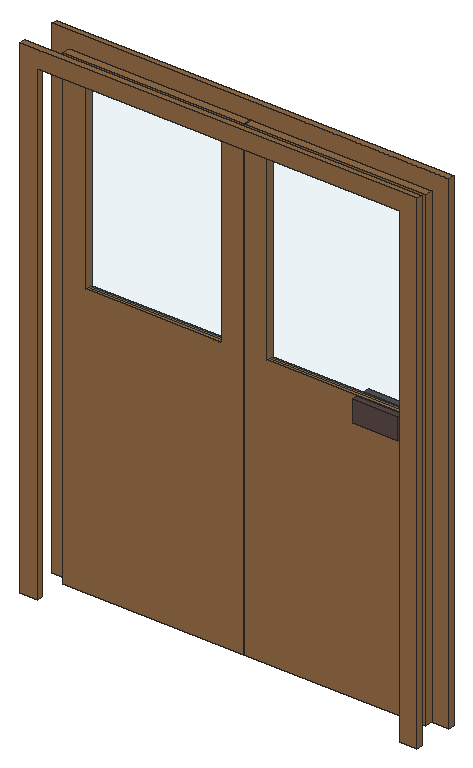
Revit family "Por_Dup_Vis", category Doors, host Wall, Revit 2025
Family settings
  Host = Wall
  OmniClass Number = 23.30.10.00
  OmniClass Title = Doors
  Always vertical = Yes
  Cut with Voids When Loaded = No
  Shared = No
  Room Calculation Point = Yes
Parameters (values of type "Porta_80-80_Visor")
  Width = 1600.00 mm
  Thickness = 35.00 mm
  Material Porta Visor = CT_Vidros
  Material Porta Controle [instance] = CT_Controle_Acesso
  Function = Interior
  Material Porta Folha = CT_Porta_Folha
  Material Porta Marco = CT_Porta_Marco
  Height = 2100.00 mm
  Trim Projection Ext = 25.00 mm
  Trim Projection Int = 25.00 mm
  Trim Width = 76.00 mm
  Wall Closure = By host
  Width_Large = 800.00 mm
  Width_Small = Width - Width_Large  # 800.00 mm
  Define Thermal Properties by = Schematic Type
  ComControledeAcesso [instance] = yes
  Analytic Construction = "<None>"
Reference planes
  plane 1: y = 0
  plane 2: z = 0
  plane 3 "Center": x = -698
  plane 4 "Left": x = -1498
  plane 5 "Right": x = 102
  plane 6 "Top": z = 2100
  plane 7: y = 58.7
Forms (mm)
  Extrusion 1, solid, material "CT_Porta_Marco" <- "Material Porta Marco"
    sketch origin (-2246, 76.2, 0) x (-1, 0, 0) y (0, 0, 1)
      loop
        line (-2348, 2100) -> (-748, 2100) -> (-748, 0) -> (-672, 0) -> (-672, 2176) -> (-2424, 2176) -> (-2424, 0) -> (-2348, 0) -> (-2348, 2100)
    from 0 to 25
  Extrusion 2, solid, material "CT_Porta_Marco" <- "Material Porta Marco"
    sketch origin (-2246, -76.2, 0) x (1, 0, 0) y (0, 0, 1)
      loop
        line (748, 0) -> (748, 2100) -> (2348, 2100) -> (2348, 0) -> (2424, 0) -> (2424, 2176) -> (672, 2176) -> (672, 0) -> (748, 0)
    from 0 to 25
  Extrusion 3, solid, material "CT_Porta_Folha" <- "Material Porta Folha"
    sketch origin (-698, 223.6, 2100) x (0, 0, -1) y (-1, 0, 0)
      loop
        line (2100, 0) -> (2100, 800) -> (0, 800) -> (0, 0) -> (2100, 0)
      loop
        line (100, 100) -> (900, 100) -> (900, 700) -> (100, 700) -> (100, 100)
    from -182.4 to -147.4
  Extrusion 4, solid, material "CT_Porta_Folha" <- "Material Porta Folha"
    sketch origin (-698, 46.2, 2100) x (0, 0, -1) y (-1, 0, 0)
      loop
        line (2100, 0) -> (0, 0) -> (0, -800) -> (2100, -800) -> (2100, 0)
      loop
        line (100, -100) -> (100, -700) -> (900, -700) -> (900, -100) -> (100, -100)
    from -5 to 30
  Extrusion 5, solid, material "CT_Controle_Acesso" <- "Material Porta Controle", visible <- "ComControledeAcesso"
    sketch origin (-1146.609, -181.517, 0) x (-1, 0, 0) y (0, -1, 0)
      loop
        line (-948.744, -282.717) -> (-948.744, -257.717) -> (-1148.609, -257.717) -> (-1148.609, -282.717) -> (-948.744, -282.717)
    from 1102.653 to 1200
  Extrusion 6, solid, material "CT_Vidros" <- "Material Porta Visor"
    sketch origin (-769.356, 76.2, 9.417) x (1, 0, 0) y (0, 0, -1)
      loop
        line (-628.644, -1990.583) -> (-28.644, -1990.583) -> (-28.644, -1190.583) -> (-628.644, -1190.583) -> (-628.644, -1990.583)
    from -22.5 to -12.5
  Extrusion 7, solid, material "CT_Vidros" <- "Material Porta Visor"
    sketch origin (-626.644, 76.2, 9.417) x (-1, 0, 0) y (0, 0, 1)
      loop
        line (-628.644, 1990.583) -> (-628.644, 1190.583) -> (-28.644, 1190.583) -> (-28.644, 1990.583) -> (-628.644, 1990.583)
    from -22.5 to -12.5
  Extrusion 8, solid, material "CT_Controle_Acesso" <- "Material Porta Controle", visible <- "ComControledeAcesso"
    sketch origin (0, 0, 0) x (1, 0, 0) y (0, 1, 0)
      loop
        line (-197.865, 41.2) -> (-197.865, 16.2) -> (2, 16.2) -> (2, 41.2) -> (-197.865, 41.2)
    from 1102.653 to 1200
Lines and regions (mm)
  Opening 1
    outline origin (-2246, -76.2, 0) x (1, 0, 0) y (0, 0, 1)
      loop
        line (748, 0) -> (2348, 0) -> (2348, 2100) -> (748, 2100) -> (748, 0)
  symbolic lines, style "Plan Swing"
    curve 1: arc (-698, 76.2, 0) -> (-932.315, 641.885, 0) -> (-1498, 876.2, 0) r 800
    curve 12: arc (-698, 76.2, 0) -> (-463.685, 641.885, 0) -> (102, 876.2, 0) r 800
  symbolic lines, style "DoorsPanelProjection"
    curve 2: line (-1498, 76.2, 0) -> (-1463, 76.2, 0)
    curve 3: line (-1498, 76.2, 0) -> (-1498, 875.328, 0)
    curve 4: line (-1498, 875.328, 0) -> (-1460.651, 875.328, 0)
    curve 5: line (-1463, 76.2, 0) -> (-1463, 875.434, 0)
    curve 8: line (102, 76.2, 0) -> (67, 76.2, 0)
    curve 9: line (102, 76.2, 0) -> (102, 876.2, 0)
    curve 10: line (102, 876.2, 0) -> (67, 876.2, 0)
    curve 11: line (67, 76.2, 0) -> (67, 876.2, 0)
  model lines, style "DoorsPanelProjection"
    curve 6: line (-698, 76.2, 2100) -> (-698, 76.2, 0)
    curve 7: line (-698, 41.2, 2100) -> (-698, 41.2, 0)
    curve 13: line (-698, 76.2, 2100) -> (-698, 76.2, 0)
    curve 14: line (-698, 41.2, 2100) -> (-698, 41.2, 0)
Text (mm)
  text "Exterior" at (-1852.85, 748.929, 0), in view "Floor Line"
  text "Interior" at (-1852.85, -701.767, 0), in view "Floor Line"
  text "Exterior" at (0, 1019.848, 3124.603), in view "Right"
  text "Interior" at (0, -1635.541, 3124.603), in view "Right"
  text "Interior" at (0, -762.224, 2974.944), in view "Left"
  text "Exterior" at (0, 1135.773, 2974.944), in view "Left"
Dimensions and locks
  "Trim Width": Extrusion 2 sketch curve to plane 4 "Left"
  "Trim Width": Extrusion 2 sketch curve to plane 5 "Right"
  "Trim Width": Extrusion 2 sketch curve to plane 6 "Top"
  "Trim Width": Extrusion 1 sketch curve to Extrusion 1 sketch curve  (x2)
  "Trim Width": Extrusion 1 sketch curve to plane 6 "Top"
  "Trim Projection Int": Extrusion 2 to host wall
  "Trim Projection Ext": Extrusion 1 to host wall
  plane 4 "Left" to plane 3 "Center" to plane 5 "Right" = 800.00 mm, 800.00 mm
  "Thickness": curve 5 to curve 3
  "Width_Large": plane 4 "Left" to plane 3 "Center"
  "Width_Small": plane 3 "Center" to plane 5 "Right"
  level to plane 2 = 0.00 mm
  "Thickness": curve 11 to plane 5 "Right"
  "Height": plane 6 "Top" to level
  level to plane 6 "Top" = 2100.00 mm  (x2)
  "Thickness": Extrusion 3 to Extrusion 3
  "Thickness": Extrusion 4 to Extrusion 4
  Extrusion 3 to Extrusion 3 = 35.00 mm
  equal spacing: Extrusion 3, plane 7, Extrusion 3
  equal spacing: Extrusion 6, plane 7, Extrusion 6
  locked: Extrusion 6 to Extrusion 6 at 10
  Extrusion 7 to Extrusion 7 = 10.00 mm
  equal spacing: Extrusion 7, plane 7, Extrusion 7
  locked: Extrusion 7 to Extrusion 7 at 10
  equal spacing: Extrusion 4, plane 7, Extrusion 4
  locked: Extrusion 5 to Extrusion 5 at 25
  locked: Extrusion 8 sketch curve to Extrusion 8 sketch curve at 25
  aligned and locked: plane 4 "Left" to Opening 1 sketch curve
  aligned and locked: plane 6 "Top" to Opening 1 sketch curve  (x2)
  aligned and locked: Opening 1 sketch curve to plane 5 "Right"
  aligned and locked: Opening 1 sketch curve to level
  aligned and locked: plane 6 "Top" to Extrusion 1 sketch curve  (x2)
  aligned and locked: plane 4 "Left" to Extrusion 1 sketch curve
  aligned and locked: Extrusion 1 sketch curve to plane 4 "Left"
  aligned and locked: level to Extrusion 1 sketch curve
  aligned and locked: plane 5 "Right" to Extrusion 1 sketch curve
  aligned and locked: Extrusion 1 to host wall
  aligned and locked: plane 4 "Left" to Extrusion 2 sketch curve
  aligned and locked: plane 6 "Top" to Extrusion 2 sketch curve  (x2)
  aligned and locked: plane 5 "Right" to Extrusion 2 sketch curve  (x2)
  aligned and locked: level to Extrusion 2 sketch curve
  aligned and locked: Extrusion 2 sketch curve to level
  aligned and locked: Extrusion 2 to host wall
  aligned and locked: plane 5 "Right" to host wall  (x2)
  aligned and locked: Extrusion 1 sketch curve to level
  aligned and locked: Extrusion 2 sketch curve to Extrusion 1
  aligned and locked: level to plane 2
  aligned and locked: Extrusion 4 to Extrusion 3
  aligned and locked: host wall to Extrusion 3
  aligned and locked: Extrusion 5 to host wall
  aligned and locked: Extrusion 5 to Extrusion 4
  aligned and locked: Extrusion 8 to Extrusion 4  (x2)
  aligned and locked: Extrusion 5 to Extrusion 8
  aligned and locked: Extrusion 8 to Extrusion 5
  aligned and locked: Extrusion 7 to Extrusion 4  (x4)
  aligned and locked: Extrusion 6 to Extrusion 3  (x4)
  aligned and locked: Extrusion 4 to Extrusion 8
  aligned and locked: Extrusion 4 to Extrusion 5
Automatic sketch dimensions
  curve 7 to plane 3 "Center" = 0.00 mm
  curve 7 to plane 6 "Top" = 0.00 mm
  curve 6 to plane 3 "Center" = 0.00 mm
  curve 6 to plane 6 "Top" = 0.00 mm
  curve 7 to level = 0.00 mm
  curve 6 to level = 0.00 mm
  curve 13 to plane 3 "Center" = 0.00 mm
  curve 13 to plane 6 "Top" = 0.00 mm
  curve 13 to level = 0.00 mm
  curve 14 to plane 3 "Center" = 0.00 mm
  curve 14 to plane 6 "Top" = 0.00 mm
  curve 14 to level = 0.00 mm
  Extrusion 4 sketch curve to plane 3 "Center" = 0.00 mm
  Extrusion 4 sketch curve to plane 6 "Top" = 0.00 mm
  Extrusion 4 sketch curve to level = 0.00 mm
  plane 5 "Right" to Extrusion 4 sketch curve = 0.00 mm
  plane 6 "Top" to Extrusion 4 sketch curve = 100.00 mm
  plane 3 "Center" to Extrusion 4 sketch curve = 100.00 mm
  level to Extrusion 4 sketch curve = 1200.00 mm
  Extrusion 4 sketch curve to Extrusion 4 sketch curve = 600.00 mm
  Extrusion 5 sketch curve to host wall = 0.00 mm
  host wall to Extrusion 5 sketch curve = 25.00 mm
  plane 5 "Right" to Extrusion 5 sketch curve = 100.00 mm
  Extrusion 5 sketch curve to Extrusion 5 sketch curve = 199.865 mm
  Extrusion 6 sketch curve to plane 3 "Center" = 700.00 mm
  Extrusion 6 sketch curve to plane 3 "Center" = 100.00 mm
  plane 6 "Top" to Extrusion 6 sketch curve = 100.00 mm
  level to Extrusion 6 sketch curve = 1200.00 mm
  plane 3 "Center" to Extrusion 7 sketch curve = 700.00 mm
  plane 3 "Center" to Extrusion 7 sketch curve = 100.00 mm
  level to Extrusion 7 sketch curve = 1200.00 mm
  plane 6 "Top" to Extrusion 7 sketch curve = 100.00 mm
  Extrusion 8 sketch curve to host wall = 16.20 mm
  plane 5 "Right" to Extrusion 8 sketch curve = 299.865 mm
  plane 5 "Right" to Extrusion 8 sketch curve = 100.00 mm
  Extrusion 3 sketch curve to plane 3 "Center" = 0.00 mm
  Extrusion 3 sketch curve to plane 6 "Top" = 0.00 mm
  Extrusion 3 sketch curve to level = 0.00 mm
  plane 4 "Left" to Extrusion 3 sketch curve = 0.00 mm
  plane 6 "Top" to Extrusion 3 sketch curve = 100.00 mm
  Extrusion 3 sketch curve to plane 3 "Center" = 100.00 mm
  level to Extrusion 3 sketch curve = 1200.00 mm
  Extrusion 3 sketch curve to Extrusion 3 sketch curve = 600.00 mm
  curve 4 to plane 4 "Left" = 0.00 mm
  curve 1 to plane 4 "Left" = 0.00 mm
  curve 1 to host wall = 0.00 mm
  curve 1 to plane 3 "Center" = 0.00 mm
  curve 12 to plane 3 "Center" = 0.00 mm
  curve 9 to plane 5 "Right" = 0.00 mm
  curve 2 to host wall = 0.00 mm
  curve 11 to host wall = 0.00 mm
  curve 3 to curve 1 = 0.872 mm
